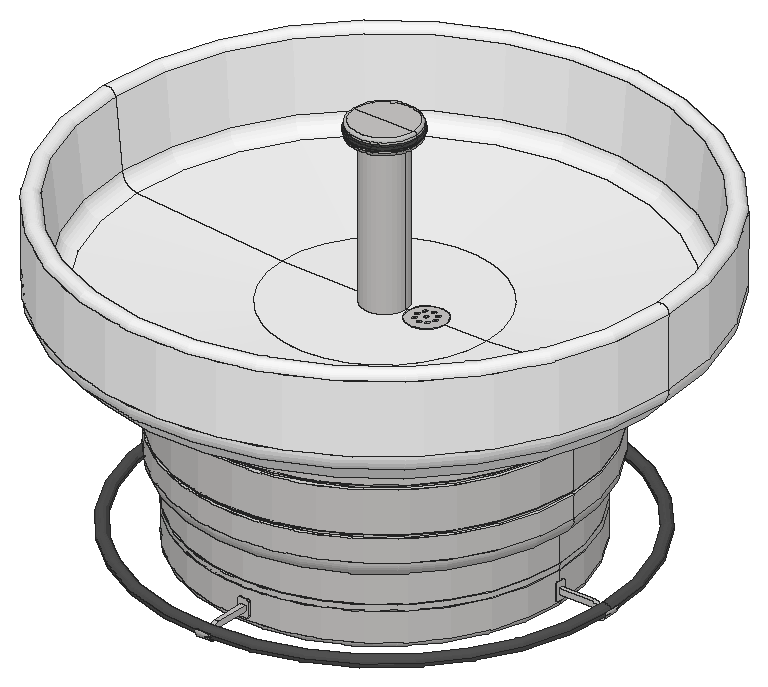
Revit family "Washfountain_Lavatory-Bradley_Corp-WF2608-Type_B_Drain", category Plumbing Fixtures, Revit 2012
Parameters (values of type "Standard")
  Width = 54.000"
  Warranty Information = ""
  WFU = 0
  Voltage = 110 V
  Version = "2.0"
  Vent Radius = Vent / 2  # 3/4"
  Vent = 1 1/2"
  URL = "http://www.bradleycorp.com/"
  Towel Dispenser Holder [instance] = if((Soap Dispenser), 8.375", 16.875")  # 16.875"
  Towel Dispenser Height [instance] = if(and(Soap Dispenser, Sensor Module, Model ID = 2), 56.000", if(and(No Soap Dispenser, Sensor Module, Model ID = 2), 56.000", if(and(Soap Dispenser, No Sensor Module, Model ID = 2), 52.500", if(and(No Soap Dispenser, No Sensor Module, Model ID = 2), 52.500", if(and(Soap Dispenser, Sensor Module, Model ID = 1), 52.000", if(and(No Soap Dispenser, Sensor Module, Model ID = 1), 52.000", if(and(Soap Dispenser, No Sensor Module, Model ID = 1), 48.500", 48.500")))))))  # 52.500"
  TouchTime® Control [instance] = no
  Technical Data = ""
  Supply Height [instance] = if(and(Sensor Module, Soap Dispenser, Towel Dispenser, Model ID = 2), 72.313", if(and(Sensor Module, Soap Dispenser, No Towel Dispenser, Model ID = 2), 47.625", if(and(Sensor Module, No Soap Dispenser, No Towel Dispenser, Model ID = 2), 39.125", if(and(Sensor Module, No Soap Dispenser, Towel Dispenser, Model ID = 2), 72.313", if(and(No Sensor Module, No Soap Dispenser, No Towel Dispenser, Model ID = 2), 35.625", if(and(No Sensor Module, No Soap Dispenser, Towel Dispenser, Model ID = 2), 68.813", if(and(No Sensor Module, Soap Dispenser, No Towel Dispenser, Model ID = 2), 44.125", if(and(No Sensor Module, Soap Dispenser, Towel Dispenser, Model ID = 2), 68.813", if(and(Sensor Module, Soap Dispenser, Towel Dispenser, Model ID = 1), 68.313", if(and(Sensor Module, Soap Dispenser, No Towel Dispenser, Model ID = 1), 43.625", if(and(Sensor Module, No Soap Dispenser, No Towel Dispenser, Model ID = 1), 35.125", if(and(Sensor Module, No Soap Dispenser, Towel Dispenser, Model ID = 1), 68.313", if(and(No Sensor Module, No Soap Dispenser, No Towel Dispenser, Model ID = 1), 31.625", if(and(No Sensor Module, No Soap Dispenser, Towel Dispenser, Model ID = 1), 64.813", if(and(No Sensor Module, Soap Dispenser, No Towel Dispenser, Model ID = 1), 40.125", 64.813")))))))))))))))  # 35.625"
  Standard Height = Model ID = 2  # yes
  Spray Head Height = 35.625"
  Specifications URL = "http://www.bradleycorp.com/3partspec"
  Soap Dispenser Holder [instance] = 2.500"  # constant formula
  Soap Dispenser Height [instance] = if(and(No Sensor Module, Model ID = 2), 44.125", if(and(Sensor Module, Model ID = 2), 47.625", if(and(No Sensor Module, Model ID = 1), 40.125", 43.625")))  # 44.125"
  Sensor Module Height = 39.125"
  Sensor Module [instance] = or(not(Foot Control Valve), TouchTime® Control, Air Valve Hand Control, Adaptive Infrared Activation Control)  # no
  Rim Height = 29.250"
  Product Tech Data URL - Spanish = ""
  Product Tech Data URL - French = ""
  Product Tech Data URL - English = "http://bradleycorp.com/download/1843/2019.pdf"
  Pedestal Material = Metal - Bradley Corp - Stainless Steel - Satin
  Pedestal Height = 19.000"
  Operating Water Pressure Range = "20 - 80 PSI"
  OmniClass Table 23 Title = "Sinks/Lavatories"
  OmniClass Table 23 Number = "23-31 13 00"
  OmniClass Table 21 Title = "Plumbing Fixtures"
  OmniClass Table 21 Number = "21-04 20 10 60"
  No Towel Dispenser [instance] = not(Towel Dispenser)  # yes
  No Soap Dispenser [instance] = not(Soap Dispenser)  # yes
  No Sensor Module [instance] = not(Sensor Module)  # yes
  Modeling Code = ""
  Model ID = 2
  Model = "WF2608"
  Material Note = "Other Terrazzo colors available - See www.bradleycorp.com "
  MasterFormat Title = "Commercial Lavatories and Sinks"
  MasterFormat Number = "22 42 16"
  Manufacturer = "Bradley Corp"
  Juvenile Height = Model ID = 1  # no
  Industry Standards = "ANSI Z124.3, Z124.6 and ANSI/ICPA SS-1-2001"
  Hot Lavatory Inlet Radius = Hot Lavatory Inlet / 2  # 1/4"
  Hot Lavatory Inlet = 0.500"  # 1/2"
  HWFU = 0
  Frequency = 50 Hz
  Foot Control Valve [instance] = not(or(TouchTime® Control, Air Valve Hand Control, Adaptive Infrared Activation Control))  # yes
  Flow Rate = 5.0 GPM
  Fire Rating = "n/a"
  Drain Radius = Drain / 2  # 1"
  Drain = 2"
  Description = "Washfountain, 54\" Circular with 9\" Deep Bowl"
  Copyright = "This Model Data is Property of Bradley Corporation"
  Cold Lavatory Inlet Radius = Cold Lavatory Inlet / 2  # 1/4"
  Cold Lavatory Inlet = 0.500"  # 1/2"
  CWFU = 0
  Buy American Act = "No"
  Button Visibility [instance] = or(TouchTime® Control, Air Valve Hand Control)  # no
  Bowl Material [instance] = Stone - Bradley Corp - White Marmorite
  Assembly Code = "D2010300"
  Air Valve Hand Control [instance] = no
  Adaptive Infrared Activation Control [instance] = no
  ADA Compliant = "Yes"
  Soap Dispenser [instance] = no
  Towel Dispenser [instance] = no
Reference planes (in)
  plane 1 "Center (Front/Back)": y = 0
  plane 2: z = 0
  plane 3 "Center (Left/Right)": x = 0
  plane 4 "Left": x = -27
  plane 5 "Right": x = 27
  plane 6 "Front": y = -27
  plane 7 "Back": y = 27
  plane 8 "Towel Dispenser": z = 52.5
  plane 9 "Soap Dispenser": z = 44.125
  plane 10 "Sensor Module": z = 39.125
  plane 11 "Spray Head": z = 35.625
  plane 12 "Rim Height": z = 29.25
  plane 13 "Pedestal Height": z = 19
  plane 14: z = 38.125
Forms (in)
  Revolve 1, solid, material "Stone - Bradley Corp - White Marmorite" <- "Bowl Material", detail levels medium+fine
    sketch origin (-3, 0, 29.25) x (1, 0, 0) y (0, 0, 1)
      loop
        line (-24, -0.75) -> (-24, -7.10922)
        arc (-24, -7.10922) -> (-23.84776, -7.87459) -> (-23.41421, -8.52343) r 2
        line (-23.41421, -8.52343) -> (-21.68765, -10.25) -> (1, -10.25) -> (1, -9) -> (-6.75, -9)
        arc (-6.75, -9) -> (-13.62836, -8.77247) -> (-20.47664, -8.09088) r 104.08291
        arc (-20.47664, -8.09088) -> (-21.43666, -7.65917) -> (-21.89048, -6.70941) r 1.52978
        line (-21.89048, -6.70941) -> (-22.51639, -0.59407)
        arc (-22.51639, -0.59407) -> (-23.32839, -0.00411) -> (-24, -0.75) r 0.75
      axis (3, -0.59407) -> (3, -10.25)
    angle from 0 to 360
  Revolve 2, solid, material "Stone - Bradley Corp - White Marmorite" <- "Bowl Material", detail levels coarse
    sketch origin (-3, 0, 29.25) x (1, 0, 0) y (0, 0, 1)
      loop
        line (-24, 0) -> (-24, -10.25) -> (3, -10.25) -> (3, -9) -> (-4.5, -9) -> (-21.74309, -7.95152) -> (-22.57883, 0) -> (-24, 0)
      axis (3, 0) -> (3, -10.25)
    angle from 0 to 360
  Revolve 3, solid, material "Metal - Bradley Corp - Stainless Steel - Satin" <- "Pedestal Material", visible <- "Standard Height", detail levels medium+fine
    sketch origin (-3, 0, 19) x (1, 0, 0) y (0, 0, 1)
      loop
        line (-14.96214, 0.00002) -> (-14.96214, -4.37498) -> (-14.83714, -4.49998) -> (-14.83714, -4.62498) -> (-14.96214, -4.74998) -> (-14.96214, -8.56248) -> (-14.83714, -8.68748) -> (-14.83714, -8.81248) -> (-14.96214, -8.93748) -> (-14.96214, -10.99998)
        arc (-14.96214, -10.99998) -> (-14.57597, -12.00466) -> (-13.6163, -12.49204) r 1.5
        line (-13.6163, -12.49204) -> (-13.6163, -15.1945) -> (-13.6643, -15.25815) -> (-13.6643, -15.75585) -> (-13.6163, -15.8195) -> (-13.6163, -18.5)
        arc (-13.6163, -18.5) -> (-13.46985, -18.85355) -> (-13.1163, -19) r 0.5
        line (-13.1163, -19) -> (3, -19) -> (3, 0.00002) -> (-14.96214, 0.00002)
      axis (3, 0.00002) -> (3, -19)
    angle from 0 to 360
  Revolve 4, solid, material "Metal - Bradley Corp - Stainless Steel - Satin" <- "Pedestal Material", visible <- "Standard Height", detail levels coarse
    sketch origin (-3, 0, 19) x (1, 0, 0) y (0, 0, 1)
      loop
        line (-14.96214, 0) -> (-14.96214, -12.49204) -> (-13.6163, -12.49204) -> (-13.6163, -19) -> (3, -19) -> (3, 0) -> (-14.96214, 0)
      axis (3, 0) -> (3, -19)
    angle from 0 to 360
  Revolve 5, solid, material "Metal - Bradley Corp - Stainless Steel - Satin" <- "Pedestal Material", visible <- "Juvenile Height", detail levels medium+fine
    sketch origin (-3, 0, 19) x (1, 0, 0) y (0, 0, 1)
      loop
        line (-14.96214, 0) -> (-14.96214, -3.42941) -> (-14.86416, -3.52739) -> (-14.86416, -3.62537) -> (-14.96214, -3.72336) -> (-14.96214, -6.71184) -> (-14.86416, -6.80982) -> (-14.86416, -6.90781) -> (-14.96214, -7.00579) -> (-14.96214, -8.44011)
        arc (-14.96214, -8.44011) -> (-14.56796, -9.39176) -> (-13.6163, -9.78595) r 1.34584
        line (-13.6163, -9.78595) -> (-13.6163, -11.1945) -> (-13.6643, -11.25815) -> (-13.6643, -11.75585) -> (-13.6163, -11.8195) -> (-13.6163, -14.60807)
        arc (-13.6163, -14.60807) -> (-13.50151, -14.88521) -> (-13.22437, -15) r 0.39193
        line (-13.22437, -15) -> (3, -15) -> (3, 0) -> (-14.96214, 0)
      axis (3, 0) -> (3, -15)
    angle from 0 to 360
  Revolve 6, solid, material "Metal - Bradley Corp - Stainless Steel - Satin" <- "Pedestal Material", visible <- "Juvenile Height", detail levels coarse
    sketch origin (-3, 0, 19) x (1, 0, 0) y (0, 0, 1)
      loop
        line (-14.96214, 0.00002) -> (-14.96214, -9.78595) -> (-13.6163, -9.78595) -> (-13.6163, -15) -> (3, -15) -> (3, 0.00002) -> (-14.96214, 0.00002)
      axis (3, 0.00002) -> (3, -15)
    angle from 0 to 360
  Revolve 7, solid, material "Metal - Bradley Corp - Stainless Steel - Polished", detail levels fine
    sketch origin (-3, 0, 35.625) x (1, 0, 0) y (0, 0, 1)
      loop
        arc (0.215, 0.00002) -> (0.03822, -0.0732) -> (-0.035, -0.24998) r 0.25
        line (-0.035, -0.24998) -> (-0.035, -0.44498)
        arc (-0.035, -0.44498) -> (-0.10129, -0.47244) -> (-0.12875, -0.53873) r 0.09375
        line (-0.12875, -0.53873) -> (-0.12875, -0.85123)
        arc (-0.12875, -0.85123) -> (-0.10129, -0.91752) -> (-0.035, -0.94498) r 0.09375
        line (-0.035, -0.94498) -> (-0.035, -1.13998)
        arc (-0.035, -1.13998) -> (0.03822, -1.31676) -> (0.215, -1.38998) r 0.25
        line (0.215, -1.38998) -> (1, -1.38998) -> (1, -16.625) -> (3, -16.625) -> (3, 0.00002) -> (0.215, 0.00002)
      axis (3, 0.00002) -> (3, -16.625)
    angle from 0 to 360
  Revolve 8, solid, material "Metal - Bradley Corp - Stainless Steel - Polished", detail levels coarse+medium
    sketch origin (-3, 0, 35.625) x (1, 0, 0) y (0, 0, 1)
      loop
        line (3, 0) -> (0.21498, 0) -> (-0.12875, -0.44498) -> (-0.12875, -0.94498) -> (0.215, -1.38998) -> (1, -1.38998) -> (1, -16.625) -> (3, -16.625) -> (3, 0)
      axis (3, 0) -> (3, -16.625)
    angle from 0 to 360
  Revolve 9, solid, material "Metal - Bradley Corp - Stainless Steel - Polished", visible <- "Soap Dispenser", detail levels fine
    sketch origin (-3, 0, 44.125) x (1, 0, 0) y (0, 0, 1)
      loop
        arc (-1.17907, 0) -> (-2.18101, -0.11803) -> (-3.1566, -0.375) r 7.19764
        line (-3.1566, -0.375) -> (-3.1566, -1) -> (-3.01376, -1) -> (-3.01376, -1.64327) -> (-2.98301, -1.64327) -> (-2.98301, -2.89327) -> (-2.93039, -2.89327) -> (-2.93039, -4.14327) -> (-2.87777, -4.14327) -> (-2.87777, -5.39327) -> (-2.81, -5.39327) -> (-2.81, -6) -> (3, -6) -> (3, 0) -> (-1.17907, 0)
      axis (3, 0) -> (3, -6)
    angle from 0 to 360
  Revolve 10, solid, material "Metal - Bradley Corp - Stainless Steel - Polished", visible <- "Soap Dispenser", detail levels coarse+medium
    sketch origin (-3, 0, 44.125) x (1, 0, 0) y (0, 0, 1)
      loop
        line (3, -1) -> (-3.1566, -1) -> (-2.81, -6) -> (3, -6) -> (3, -1)
      axis (3, -1) -> (3, -6)
    angle from 0 to 360
  Revolve 11, solid, material "Metal - Bradley Corp - Stainless Steel - Polished", visible <- "Sensor Module", detail levels fine
    sketch origin (-3, 0, 39.125) x (1, 0, 0) y (0, 0, 1)
      loop
        line (-1.49987, -0.56541) -> (-1.49987, -1.98683)
        arc (-1.49987, -1.98683) -> (-1.48063, -2.08301) -> (-1.42587, -2.16439) r 0.25
        line (-1.42587, -2.16439) -> (-0.82309, -2.76716)
        arc (-0.82309, -2.76716) -> (-0.74199, -2.82135) -> (-0.64632, -2.84038) r 0.25
        line (-0.64632, -2.84038) -> (1, -2.84038) -> (1, -3.5) -> (3, -3.5) -> (3, 0) -> (0.89718, 0)
        arc (0.89718, 0) -> (-0.28099, -0.0858) -> (-1.45612, -0.2063) r 40.06
        arc (-1.45612, -0.2063) -> (-1.54124, -0.251) -> (-1.57537, -0.34072) r 0.135
        line (-1.57537, -0.34072) -> (-1.57537, -0.56541) -> (-1.49987, -0.56541)
      axis (3, 0) -> (3, -3.5)
    angle from 0 to 360
  Revolve 12, solid, material "Metal - Bradley Corp - Stainless Steel - Polished", visible <- "Sensor Module", detail levels coarse+medium
    sketch origin (-3, 0, 39.125) x (1, 0, 0) y (0, 0, 1)
      loop
        line (-1.57537, -2.01488) -> (-0.75025, -2.84) -> (1, -2.84) -> (1, -3.5) -> (3, -3.5) -> (3, 0) -> (-1.57537, 0) -> (-1.57537, -2.01488)
      axis (3, 0) -> (3, -3.5)
    angle from 0 to 360
  Extrusion 13, solid, material "Metal - Bradley Corp - Stainless Steel - Polished", visible <- "Towel Dispenser"
    sketch origin (-5.60167, 3.20696, 52.5) x (0, 0, 1) y (0, 1, 0)
      loop
        line (0, 0) -> (15.313, 0) -> (14.62567, 4) -> (1.37502, 4) -> (0, 1.75) -> (0, 0)
    from -0.10167 to -11.10192
  Extrusion 14, solid, material "Metal - Bradley Corp - Stainless Steel - Polished", visible <- "Towel Dispenser"
    sketch origin (-0.0117, -6.47515, 55.75) x (0, 0, 1) y (-0.866025, -0.5, 0)
      loop
        line (-3.25, 0) -> (12.063, 0) -> (11.37567, 4) -> (-1.87498, 4) -> (-3.25, 1.75) -> (-3.25, 0)
    from -0.10167 to -11.10192
  Extrusion 15, solid, material "Metal - Bradley Corp - Stainless Steel - Polished", visible <- "Towel Dispenser"
    sketch origin (5.61356, 3.22741, 55.75) x (0, 0, 1) y (0.866038, -0.499977, 0)
      loop
        line (-3.25, 0) -> (12.063, 0) -> (11.37567, 4) -> (-1.87498, 4) -> (-3.25, 1.75) -> (-3.25, 0)
    from -0.10167 to -11.10192
  Extrusion 16, solid, material "Metal - Bradley Corp - Stainless Steel - Polished", visible <- "Towel Dispenser"
    sketch origin (0, 0, 52.5) x (-1, 0, 0) y (0, -1, 0)
      loop
        circle (0, 0) r 2
    from -16.875 to 16.313
  Extrusion 17, solid, material "Metal - Bradley Corp - Stainless Steel - Polished", visible <- "Soap Dispenser"
    sketch origin (0, 0, 44.125) x (-1, 0, 0) y (0, -1, 0)
      loop
        circle (0, 0) r 2
    from -6 to -8.5
  Extrusion 18, solid, material "Metal - Bradley Corp - Stainless Steel - Polished", visible <- "Towel Dispenser"
    sketch origin (0, 0, 52.5) x (-1, 0, 0) y (0, -1, 0)
      loop
        line (5.5, -3.20696) -> (5.56259, -3.13929) -> (0.06259, 6.38699) -> (-0.06295, 6.38699) -> (-5.56269, -3.13929) -> (-5.50026, -3.20696) -> (5.5, -3.20696)
      loop
        circle (0, 0) r 2
    from 14.62567 to 14.12567
  Extrusion 19, solid, material "Metal - Bradley Corp - Stainless Steel - Polished", visible <- "Towel Dispenser"
    sketch origin (0, 0, 52.5) x (-1, 0, 0) y (0, -1, 0)
      loop
        line (5.56259, -3.13929) -> (0.06259, 6.38699) -> (-0.06295, 6.38699) -> (-5.56269, -3.13929) -> (-5.50026, -3.20696) -> (5.5, -3.20696) -> (5.56259, -3.13929)
      loop
        circle (0, 0) r 2
    from 1.0786 to 1.5786
  Sweep 20, solid, material "Plastic - Bradley Corp - Black", visible <- "Foot Control Valve"
    path in 3D
      loop
        arc (-21, 0, 0) -> (0, -21, 0) -> (21, 0, 0) r 21
        arc (21, 0, 0) -> (0, 21, 0) -> (-21, 0, 0) r 21
    profile origin (0, 21, 0) x (0, -1, 0) y (0, 0, 1)
      loop
        circle (0, 1.425) r 0.5
  Extrusion 21, solid, material "Metal - Bradley Corp - Stainless Steel - Satin", visible <- "Foot Control Valve"
    sketch origin (0, 0, 0) x (1, 0, 0) y (0, 0, 1)
      loop
        arc (-21.48307, 1.55388) -> (-21.51847, 1.61509) -> (-21.57968, 1.57969) r 0.05
        arc (-21.57968, 1.57969) -> (-21.01372, 0.82503) -> (-20.41385, 1.55302) r 0.6
        arc (-20.41385, 1.55302) -> (-20.47337, 1.59119) -> (-20.51154, 1.53166) r 0.05
        arc (-20.51154, 1.53166) -> (-21.01143, 0.925) -> (-21.48307, 1.55388) r 0.5
      loop
        arc (21.48307, 1.55388) -> (21.01143, 0.925) -> (20.51154, 1.53166) r 0.5
        arc (20.51154, 1.53166) -> (20.47337, 1.59119) -> (20.41385, 1.55302) r 0.05
        arc (20.41385, 1.55302) -> (21.01372, 0.82503) -> (21.57968, 1.57969) r 0.6
        arc (21.57968, 1.57969) -> (21.51847, 1.61509) -> (21.48307, 1.55388) r 0.05
    from -0.67 to 0.67
  Extrusion 22, solid, material "Metal - Bradley Corp - Stainless Steel - Satin", visible <- "Foot Control Valve"
    sketch origin (0, 0, 0) x (0, 1, 0) y (0, 0, 1)
      loop
        arc (21.48307, 1.55401) -> (21.01143, 0.92513) -> (20.51154, 1.53179) r 0.5
        arc (20.51154, 1.53179) -> (20.47337, 1.59132) -> (20.41385, 1.55315) r 0.05
        arc (20.41385, 1.55315) -> (21.01372, 0.82516) -> (21.57968, 1.57982) r 0.6
        arc (21.57968, 1.57982) -> (21.51847, 1.61522) -> (21.48307, 1.55401) r 0.05
      loop
        arc (-21.48307, 1.55401) -> (-21.51847, 1.61522) -> (-21.57968, 1.57982) r 0.05
        arc (-21.57968, 1.57982) -> (-21.01372, 0.82516) -> (-20.41385, 1.55315) r 0.6
        arc (-20.41385, 1.55315) -> (-20.47337, 1.59132) -> (-20.51154, 1.53179) r 0.05
        arc (-20.51154, 1.53179) -> (-21.01143, 0.92513) -> (-21.48307, 1.55401) r 0.5
    from -0.67 to 0.67
  Extrusion 23, solid, material "Metal - Bradley Corp - Stainless Steel - Satin", visible <- "Foot Control Valve"
    sketch origin (0, 0, 0) x (1, 0, 0) y (0, 0, 1)
      loop
        line (-16.6163, 1.26725) -> (-16.6163, 1.76725) -> (-19.80661, 1.76725)
        arc (-19.80661, 1.76725) -> (-20.14911, 1.67556) -> (-20.4, 1.42503) r 0.68556
        arc (-20.4, 1.42503) -> (-20.57574, 1.00076) -> (-21, 0.82503) r 0.6
        arc (-21, 0.82503) -> (-20.42367, 0.87326) -> (-19.94786, 1.20202) r 1.12245
        arc (-19.94786, 1.20202) -> (-19.8844, 1.25015) -> (-19.80661, 1.26725) r 0.18556
        line (-19.80661, 1.26725) -> (-16.6163, 1.26725)
      loop
        line (16.6163, 1.26725) -> (19.80661, 1.26725)
        arc (19.80661, 1.26725) -> (19.8844, 1.25015) -> (19.94786, 1.20202) r 0.18556
        arc (19.94786, 1.20202) -> (20.42367, 0.87326) -> (21, 0.82503) r 1.12245
        arc (21, 0.82503) -> (20.57574, 1.00076) -> (20.4, 1.42503) r 0.6
        arc (20.4, 1.42503) -> (20.14911, 1.67556) -> (19.80661, 1.76725) r 0.68556
        line (19.80661, 1.76725) -> (16.6163, 1.76725) -> (16.6163, 1.26725)
    from -0.2 to 0.2
  Extrusion 24, solid, material "Metal - Bradley Corp - Stainless Steel - Satin", visible <- "Foot Control Valve"
    sketch origin (0, 0, 0) x (0, 1, 0) y (0, 0, 1)
      loop
        line (16.61723, 1.27219) -> (19.80754, 1.27219)
        arc (19.80754, 1.27219) -> (19.88533, 1.25509) -> (19.94879, 1.20696) r 0.18556
        arc (19.94879, 1.20696) -> (20.4246, 0.8782) -> (21.00093, 0.82997) r 1.12245
        arc (21.00093, 0.82997) -> (20.57666, 1.0057) -> (20.40093, 1.42997) r 0.6
        arc (20.40093, 1.42997) -> (20.15004, 1.6805) -> (19.80754, 1.77219) r 0.68556
        line (19.80754, 1.77219) -> (16.61723, 1.77219) -> (16.61723, 1.27219)
      loop
        line (-16.61723, 1.27219) -> (-16.61723, 1.77219) -> (-19.80754, 1.77219)
        arc (-19.80754, 1.77219) -> (-20.15004, 1.6805) -> (-20.40093, 1.42997) r 0.68556
        arc (-20.40093, 1.42997) -> (-20.57666, 1.0057) -> (-21.00093, 0.82997) r 0.6
        arc (-21.00093, 0.82997) -> (-20.4246, 0.8782) -> (-19.94879, 1.20696) r 1.12245
        arc (-19.94879, 1.20696) -> (-19.88533, 1.25509) -> (-19.80754, 1.27219) r 0.18556
        line (-19.80754, 1.27219) -> (-16.61723, 1.27219)
    from -0.19588 to 0.2
  Extrusion 25, solid, material "Metal - Bradley Corp - Stainless Steel - Satin", visible <- "Foot Control Valve"
    sketch origin (0, 0, 0) x (0, 1, 0) y (0, 0, 1)
      loop
        line (0.25501, 2.33461) -> (-0.24499, 2.33461)
        arc (-0.24499, 2.33461) -> (-0.42177, 2.26139) -> (-0.49499, 2.08461) r 0.25
        line (-0.49499, 2.08461) -> (-0.49499, 0.95961)
        arc (-0.49499, 0.95961) -> (-0.42177, 0.78284) -> (-0.24499, 0.70961) r 0.25
        line (-0.24499, 0.70961) -> (0.25501, 0.70961)
        arc (0.25501, 0.70961) -> (0.43178, 0.78284) -> (0.50501, 0.95961) r 0.25
        line (0.50501, 0.95961) -> (0.50501, 2.08461)
        arc (0.50501, 2.08461) -> (0.43178, 2.26139) -> (0.25501, 2.33461) r 0.25
      loop
        line (0.24214, 1.22802) -> (0.24214, 1.81621) -> (-0.23845, 1.81621) -> (-0.23845, 1.22802) -> (0.24214, 1.22802)
    from -16.72356 to -16.6163
  Extrusion 26, solid, material "Metal - Bradley Corp - Stainless Steel - Satin", visible <- "Foot Control Valve"
    sketch origin (0, 0, 0) x (0, 1, 0) y (0, 0, 1)
      loop
        arc (-0.25501, 2.33461) -> (-0.43178, 2.26139) -> (-0.50501, 2.08461) r 0.25
        line (-0.50501, 2.08461) -> (-0.50501, 0.95961)
        arc (-0.50501, 0.95961) -> (-0.43178, 0.78284) -> (-0.25501, 0.70961) r 0.25
        line (-0.25501, 0.70961) -> (0.24499, 0.70961)
        arc (0.24499, 0.70961) -> (0.42177, 0.78284) -> (0.49499, 0.95961) r 0.25
        line (0.49499, 0.95961) -> (0.49499, 2.08461)
        arc (0.49499, 2.08461) -> (0.42177, 2.26139) -> (0.24499, 2.33461) r 0.25
        line (0.24499, 2.33461) -> (-0.25501, 2.33461)
      loop
        line (-0.24214, 1.22802) -> (0.23845, 1.22802) -> (0.23845, 1.81621) -> (-0.24214, 1.81621) -> (-0.24214, 1.22802)
    from 16.6163 to 16.73125
  Extrusion 27, solid, material "Metal - Bradley Corp - Stainless Steel - Satin", visible <- "Foot Control Valve"
    sketch origin (0, 0, 0) x (1, 0, 0) y (0, 0, 1)
      loop
        arc (-0.25501, 2.33461) -> (-0.43178, 2.26139) -> (-0.50501, 2.08461) r 0.25
        line (-0.50501, 2.08461) -> (-0.50501, 0.95961)
        arc (-0.50501, 0.95961) -> (-0.43178, 0.78284) -> (-0.25501, 0.70961) r 0.25
        line (-0.25501, 0.70961) -> (0.24499, 0.70961)
        arc (0.24499, 0.70961) -> (0.42177, 0.78284) -> (0.49499, 0.95961) r 0.25
        line (0.49499, 0.95961) -> (0.49499, 2.08461)
        arc (0.49499, 2.08461) -> (0.42177, 2.26139) -> (0.24499, 2.33461) r 0.25
        line (0.24499, 2.33461) -> (-0.25501, 2.33461)
      loop
        line (-0.24214, 1.22802) -> (0.23845, 1.22802) -> (0.23845, 1.81621) -> (-0.24214, 1.81621) -> (-0.24214, 1.22802)
    from -16.72356 to -16.6163
  Extrusion 28, solid, material "Metal - Bradley Corp - Stainless Steel - Satin", visible <- "Foot Control Valve"
    sketch origin (0, 0, 0) x (1, 0, 0) y (0, 0, 1)
      loop
        line (0.25501, 2.33461) -> (-0.24499, 2.33461)
        arc (-0.24499, 2.33461) -> (-0.42177, 2.26139) -> (-0.49499, 2.08461) r 0.25
        line (-0.49499, 2.08461) -> (-0.49499, 0.95961)
        arc (-0.49499, 0.95961) -> (-0.42177, 0.78284) -> (-0.24499, 0.70961) r 0.25
        line (-0.24499, 0.70961) -> (0.25501, 0.70961)
        arc (0.25501, 0.70961) -> (0.43178, 0.78284) -> (0.50501, 0.95961) r 0.25
        line (0.50501, 0.95961) -> (0.50501, 2.08461)
        arc (0.50501, 2.08461) -> (0.43178, 2.26139) -> (0.25501, 2.33461) r 0.25
      loop
        line (0.24214, 1.22802) -> (0.24214, 1.81621) -> (-0.23845, 1.81621) -> (-0.23845, 1.22802) -> (0.24214, 1.22802)
    from 16.61723 to 16.73515
  Extrusion 29, void
    sketch origin (0, 0, 19) x (-1, 0, 0) y (0, -1, 0)
      loop
        circle (-4, 0) r 1.75
    from 0 to 10.25
  Extrusion 30, solid, material "Metal - Bradley Corp - Stainless Steel - Polished", detail levels medium+fine
    sketch origin (0, 0, 19) x (-1, 0, 0) y (0, -1, 0)
      loop
        circle (-4, 0) r 1.75
      loop
        circle (-4, 0) r 0.1842
      loop
        circle (-4, -0.87771) r 0.1842
      loop
        circle (-3.12229, 0) r 0.1842
      loop
        circle (-4, 0.87771) r 0.1842
      loop
        circle (-4.87771, 0) r 0.1842
      loop
        circle (-4.62063, -0.62063) r 0.1842
      loop
        circle (-3.37937, -0.62063) r 0.1842
      loop
        circle (-3.37937, 0.62063) r 0.1842
      loop
        circle (-4.62063, 0.62063) r 0.1842
    from 1.25 to 1.20024
  Extrusion 31, solid, material "Default", not visible, detail levels medium+fine
    sketch origin (0, 0, 0) x (1, 0, 0) y (0, 1, 0)
      loop
        circle (-4, 0) r 1
      loop
        line (1, 5.5) -> (-1, 5.5) -> (-1, 4.5) -> (1, 4.5) -> (1, 5.5)
    from 0 to 3
  Extrusion 32, solid, material "Default", not visible, detail levels medium+fine
    sketch origin (0, 0, 0) x (1, 0, 0) y (0, 1, 0)
      loop
        circle (0, 0) r 0.75
      loop
        circle (-0.875, 1.25) r 0.25
      loop
        circle (0.875, 1.25) r 0.25
    from 0 to 35.625
  Revolve 33, solid, material "Plastic - Bradley Corp - Black", visible <- "Soap Dispenser", detail levels coarse+medium
    sketch origin (-3, 0, 44.125) x (1, 0, 0) y (0, 0, 1)
      loop
        line (-3.1566, -1) -> (3, -1) -> (3, 0) -> (-3.22592, 0) -> (-3.1566, -1)
      axis (3, 0) -> (3, -1)
    angle from 0 to 360
  Extrusion 34, solid, material "Metal - Bradley Corp - Stainless Steel - Polished", visible <- "Button Visibility"
    sketch origin (-3, 0, 39.125) x (1, 0, 0) y (0, 0, 1)
      loop
        circle (3, -1.3649) r 0.5
    from 4.57537 to 4.97537
  Extrusion 35, solid, material "Metal - Bradley Corp - Stainless Steel - Polished", visible <- "Button Visibility"
    sketch origin (-3, 0, 39.125) x (1, 0, 0) y (0, 0, 1)
      loop
        circle (3, -1.3649) r 0.5
    from -4.57537 to -4.97537
  Extrusion 36, solid, material "Metal - Bradley Corp - Stainless Steel - Polished", visible <- "Button Visibility", detail levels fine
    sketch origin (-3, 0, 39.125) x (1, 0, 0) y (0, 0, 1)
      loop
        circle (3, -1.3649) r 0.25
    from 4.49987 to 4.57537
  Extrusion 37, solid, material "Metal - Bradley Corp - Stainless Steel - Polished", visible <- "Button Visibility", detail levels fine
    sketch origin (-3, 0, 39.125) x (1, 0, 0) y (0, 0, 1)
      loop
        circle (3, -1.3649) r 0.25
    from -4.57537 to -4.49987
Cuts and joins
  Extrusion 29 cuts Revolve 2
  Extrusion 29 cuts Revolve 1
Lines and regions (in)
  Masking region 1, detail levels coarse
    outline origin (-3, 0, 29.25) x (1, 0, 0) y (0, 0, 1)
      loop
        line (-24, 0) -> (-24, -10.25) -> (30, -10.25) -> (30, 0) -> (-24, 0)
  Masking region 2, detail levels medium+fine
    outline origin (-3, 0, 29.25) x (1, 0, 0) y (0, 0, 1)
      loop
        arc (-23.25, 0) -> (-23.78033, -0.21967) -> (-24, -0.75) r 0.75
        line (-24, -0.75) -> (-24, -7.10922)
        arc (-24, -7.10922) -> (-23.84776, -7.87459) -> (-23.41421, -8.52343) r 2
        line (-23.41421, -8.52343) -> (-21.68765, -10.25) -> (27.68765, -10.25) -> (29.41421, -8.52343)
        arc (29.41421, -8.52343) -> (29.84776, -7.87459) -> (30, -7.10922) r 2
        line (30, -7.10922) -> (30, -0.75)
        arc (30, -0.75) -> (29.78033, -0.21967) -> (29.25, 0) r 0.75
        line (29.25, 0) -> (-23.25, 0)
  Masking region 3, visible <- "Standard Height", detail levels coarse
    outline origin (-3, 0, 19) x (1, 0, 0) y (0, 0, 1)
      loop
        line (-14.96214, 0) -> (-14.96214, -12.49204) -> (-13.6163, -12.49204) -> (-13.6163, -19) -> (19.6163, -19) -> (19.6163, -12.49204) -> (20.96214, -12.49204) -> (20.96214, 0) -> (-14.96214, 0)
  Masking region 4, visible <- "Standard Height", detail levels medium+fine
    outline origin (-3, 0, 19) x (1, 0, 0) y (0, 0, 1)
      loop
        line (-14.96214, 0.00002) -> (-14.96214, -4.37498) -> (-14.83714, -4.49998) -> (-14.83714, -4.62498) -> (-14.96214, -4.74998) -> (-14.96214, -8.56248) -> (-14.83714, -8.68748) -> (-14.83714, -8.81248) -> (-14.96214, -8.93748) -> (-14.96214, -10.99998)
        arc (-14.96214, -10.99998) -> (-14.57597, -12.00466) -> (-13.6163, -12.49204) r 1.5
        line (-13.6163, -12.49204) -> (-13.6163, -15.1945) -> (-13.6643, -15.25815) -> (-13.6643, -15.75585) -> (-13.6163, -15.8195) -> (-13.6163, -18.5)
        arc (-13.6163, -18.5) -> (-13.46985, -18.85355) -> (-13.1163, -19) r 0.5
        line (-13.1163, -19) -> (19.1163, -19)
        arc (19.1163, -19) -> (19.46985, -18.85355) -> (19.6163, -18.5) r 0.5
        line (19.6163, -18.5) -> (19.6163, -15.8195) -> (19.6643, -15.75585) -> (19.6643, -15.25815) -> (19.6163, -15.1945) -> (19.6163, -12.49204)
        arc (19.6163, -12.49204) -> (20.57597, -12.00466) -> (20.96214, -10.99998) r 1.5
        line (20.96214, -10.99998) -> (20.96214, -8.93748) -> (20.83714, -8.81248) -> (20.83714, -8.68748) -> (20.96214, -8.56248) -> (20.96214, -4.74998) -> (20.83714, -4.62498) -> (20.83714, -4.49998) -> (20.96214, -4.37498) -> (20.96214, 0.00002) -> (-14.96214, 0.00002)
  Masking region 5, visible <- "Juvenile Height", detail levels coarse
    outline origin (-3, 0, 19) x (1, 0, 0) y (0, 0, 1)
      loop
        line (-14.96214, 0) -> (-14.96214, -9.78595) -> (-13.6163, -9.78595) -> (-13.6163, -15) -> (19.6163, -15) -> (19.6163, -9.78595) -> (20.96214, -9.78595) -> (20.96214, 0) -> (-14.96214, 0)
  Masking region 6, visible <- "Juvenile Height", detail levels medium+fine
    outline origin (-3, 0, 19) x (1, 0, 0) y (0, 0, 1)
      loop
        line (-14.96214, 0) -> (-14.96214, -3.42941) -> (-14.86416, -3.52739) -> (-14.86416, -3.62537) -> (-14.96214, -3.72336) -> (-14.96214, -6.71184) -> (-14.86416, -6.80982) -> (-14.86416, -6.90781) -> (-14.96214, -7.00579) -> (-14.96214, -8.44011)
        arc (-14.96214, -8.44011) -> (-14.56796, -9.39176) -> (-13.6163, -9.78595) r 1.34584
        line (-13.6163, -9.78595) -> (-13.6163, -11.1945) -> (-13.6643, -11.25815) -> (-13.6643, -11.75585) -> (-13.6163, -11.8195) -> (-13.6163, -14.60807)
        arc (-13.6163, -14.60807) -> (-13.50151, -14.88521) -> (-13.22437, -15) r 0.39193
        line (-13.22437, -15) -> (19.22437, -15)
        arc (19.22437, -15) -> (19.50151, -14.88521) -> (19.6163, -14.60807) r 0.39193
        line (19.6163, -14.60807) -> (19.6163, -11.8195) -> (19.6643, -11.75585) -> (19.6643, -11.25815) -> (19.6163, -11.1945) -> (19.6163, -9.78595)
        arc (19.6163, -9.78595) -> (20.56796, -9.39176) -> (20.96214, -8.44011) r 1.34584
        line (20.96214, -8.44011) -> (20.96214, -7.00579) -> (20.86416, -6.90781) -> (20.86416, -6.80982) -> (20.96214, -6.71184) -> (20.96214, -3.72336) -> (20.86416, -3.62537) -> (20.86416, -3.52739) -> (20.96214, -3.42941) -> (20.96214, 0) -> (-14.96214, 0)
  Masking region 7, detail levels coarse
    outline origin (0, 3, 29.25) x (0, -1, 0) y (0, 0, 1)
      loop
        line (-24, 0) -> (-24, -10.25) -> (30, -10.25) -> (30, 0) -> (-24, 0)
  Masking region 8, detail levels medium+fine
    outline origin (0, 3, 29.25) x (0, -1, 0) y (0, 0, 1)
      loop
        arc (-23.25, 0) -> (-23.78033, -0.21967) -> (-24, -0.75) r 0.75
        line (-24, -0.75) -> (-24, -7.10922)
        arc (-24, -7.10922) -> (-23.84776, -7.87459) -> (-23.41421, -8.52343) r 2
        line (-23.41421, -8.52343) -> (-21.68765, -10.25) -> (27.68765, -10.25) -> (29.41421, -8.52343)
        arc (29.41421, -8.52343) -> (29.84776, -7.87459) -> (30, -7.10922) r 2
        line (30, -7.10922) -> (30, -0.75)
        arc (30, -0.75) -> (29.78033, -0.21967) -> (29.25, 0) r 0.75
        line (29.25, 0) -> (-23.25, 0)
  Masking region 9, visible <- "Standard Height", detail levels coarse
    outline origin (0, 3, 19) x (0, -1, 0) y (0, 0, 1)
      loop
        line (-14.96229, 0) -> (-14.96229, -12.49204) -> (-13.61645, -12.49204) -> (-13.61645, -19) -> (19.61615, -19) -> (19.61615, -12.49204) -> (20.96199, -12.49204) -> (20.96199, 0) -> (-14.96229, 0)
  Masking region 10, visible <- "Standard Height", detail levels medium+fine
    outline origin (0, 3, 19) x (0, -1, 0) y (0, 0, 1)
      loop
        line (-14.96307, 0.00002) -> (-14.96307, -4.37498) -> (-14.83807, -4.49998) -> (-14.83807, -4.62498) -> (-14.96307, -4.74998) -> (-14.96307, -8.56248) -> (-14.83807, -8.68748) -> (-14.83807, -8.81248) -> (-14.96307, -8.93748) -> (-14.96307, -10.99998)
        arc (-14.96307, -10.99998) -> (-14.5769, -12.00466) -> (-13.61723, -12.49204) r 1.5
        line (-13.61723, -12.49204) -> (-13.61723, -15.1945) -> (-13.66523, -15.25815) -> (-13.66523, -15.75585) -> (-13.61723, -15.8195) -> (-13.61723, -18.5)
        arc (-13.61723, -18.5) -> (-13.47078, -18.85355) -> (-13.11723, -19) r 0.5
        line (-13.11723, -19) -> (19.11537, -19)
        arc (19.11537, -19) -> (19.46893, -18.85355) -> (19.61537, -18.5) r 0.5
        line (19.61537, -18.5) -> (19.61537, -15.8195) -> (19.66337, -15.75585) -> (19.66337, -15.25815) -> (19.61537, -15.1945) -> (19.61537, -12.49204)
        arc (19.61537, -12.49204) -> (20.57505, -12.00466) -> (20.96122, -10.99998) r 1.5
        line (20.96122, -10.99998) -> (20.96122, -8.93748) -> (20.83622, -8.81248) -> (20.83622, -8.68748) -> (20.96122, -8.56248) -> (20.96122, -4.74998) -> (20.83622, -4.62498) -> (20.83622, -4.49998) -> (20.96122, -4.37498) -> (20.96122, 0.00002) -> (-14.96307, 0.00002)
  Masking region 11, visible <- "Juvenile Height", detail levels coarse
    outline origin (0, 3, 19) x (0, -1, 0) y (0, 0, 1)
      loop
        line (-14.96093, 0) -> (-14.96093, -9.78595) -> (-13.61509, -9.78595) -> (-13.61509, -15) -> (19.61752, -15) -> (19.61752, -9.78595) -> (20.96336, -9.78595) -> (20.96336, 0) -> (-14.96093, 0)
  Masking region 12, visible <- "Juvenile Height", detail levels medium+fine
    outline origin (0, 3, 19) x (0, -1, 0) y (0, 0, 1)
      loop
        line (-14.96283, 0) -> (-14.96283, -3.42941) -> (-14.86485, -3.52739) -> (-14.86485, -3.62537) -> (-14.96283, -3.72336) -> (-14.96283, -6.71184) -> (-14.86485, -6.80982) -> (-14.86485, -6.90781) -> (-14.96283, -7.00579) -> (-14.96283, -8.44011)
        arc (-14.96283, -8.44011) -> (-14.56864, -9.39176) -> (-13.61699, -9.78595) r 1.34584
        line (-13.61699, -9.78595) -> (-13.61699, -11.1945) -> (-13.66523, -11.25847) -> (-13.66523, -11.75553) -> (-13.61699, -11.8195) -> (-13.61699, -14.60807)
        arc (-13.61699, -14.60807) -> (-13.50219, -14.88521) -> (-13.22506, -15) r 0.39193
        line (-13.22506, -15) -> (19.22368, -15)
        arc (19.22368, -15) -> (19.50082, -14.88521) -> (19.61561, -14.60807) r 0.39193
        line (19.61561, -14.60807) -> (19.61561, -11.8195) -> (19.66523, -11.75553) -> (19.66523, -11.25847) -> (19.61561, -11.1945) -> (19.61561, -9.78595)
        arc (19.61561, -9.78595) -> (20.56727, -9.39176) -> (20.96145, -8.44011) r 1.34584
        line (20.96145, -8.44011) -> (20.96145, -7.00579) -> (20.86347, -6.90781) -> (20.86347, -6.80982) -> (20.96145, -6.71184) -> (20.96145, -3.72336) -> (20.86347, -3.62537) -> (20.86347, -3.52739) -> (20.96145, -3.42941) -> (20.96145, 0) -> (-14.96283, 0)
  Masking region 13, visible <- "Soap Dispenser", detail levels coarse+medium
    outline origin (-3, 0, 44.125) x (1, 0, 0) y (0, 0, 1)
      loop
        line (-3.22592, 0) -> (-2.81, -6) -> (8.81, -6) -> (9.22592, 0) -> (-3.22592, 0)
  Masking region 14, visible <- "Soap Dispenser", detail levels fine
    outline origin (-3, 0, 44.125) x (1, 0, 0) y (0, 0, 1)
      loop
        arc (-1.17907, 0) -> (-2.18101, -0.11803) -> (-3.1566, -0.375) r 7.19764
        line (-3.1566, -0.375) -> (-3.1566, -1) -> (-3.01376, -1) -> (-3.01376, -1.64327) -> (-2.98301, -1.64327) -> (-2.98301, -2.89327) -> (-2.93039, -2.89327) -> (-2.93039, -4.14327) -> (-2.87777, -4.14327) -> (-2.87777, -5.39327) -> (-2.81, -5.39327) -> (-2.81, -6) -> (8.81, -6) -> (8.81, -5.39327) -> (8.87777, -5.39327) -> (8.87777, -4.14327) -> (8.93039, -4.14327) -> (8.93039, -2.89327) -> (8.98301, -2.89327) -> (8.98301, -1.64327) -> (9.01376, -1.64327) -> (9.01376, -1) -> (9.1566, -1) -> (9.1566, -0.375)
        arc (9.1566, -0.375) -> (8.18101, -0.11803) -> (7.17907, 0) r 7.19764
        line (7.17907, 0) -> (-1.17907, 0)
  Masking region 15, visible <- "Soap Dispenser", detail levels coarse+medium
    outline origin (0, 3, 44.125) x (0, -1, 0) y (0, 0, 1)
      loop
        line (-3.22592, 0) -> (-2.81, -6) -> (8.81, -6) -> (9.22592, 0) -> (-3.22592, 0)
  Masking region 16, visible <- "Soap Dispenser", detail levels fine
    outline origin (0, 3, 44.125) x (0, -1, 0) y (0, 0, 1)
      loop
        arc (-1.17907, 0) -> (-2.18101, -0.11803) -> (-3.1566, -0.375) r 7.19764
        line (-3.1566, -0.375) -> (-3.1566, -1) -> (-3.01376, -1) -> (-3.01376, -1.64327) -> (-2.98301, -1.64327) -> (-2.98301, -2.89327) -> (-2.93039, -2.89327) -> (-2.93039, -4.14327) -> (-2.87777, -4.14327) -> (-2.87777, -5.39327) -> (-2.81, -5.39327) -> (-2.81, -6) -> (8.81, -6) -> (8.81, -5.39327) -> (8.87777, -5.39327) -> (8.87777, -4.14327) -> (8.93039, -4.14327) -> (8.93039, -2.89327) -> (8.98301, -2.89327) -> (8.98301, -1.64327) -> (9.01376, -1.64327) -> (9.01376, -1) -> (9.1566, -1) -> (9.1566, -0.375)
        arc (9.1566, -0.375) -> (8.18101, -0.11803) -> (7.17907, 0) r 7.19764
        line (7.17907, 0) -> (-1.17907, 0)
  Masking region 17, detail levels coarse+medium
    outline origin (-3, 0, 35.625) x (1, 0, 0) y (0, 0, 1)
      loop
        line (0.21498, 0) -> (-0.12875, -0.44498) -> (-0.12875, -0.94498) -> (0.215, -1.38998) -> (1, -1.38998) -> (1, -6.375) -> (5, -6.375) -> (5, -1.38998) -> (5.785, -1.38998) -> (6.12875, -0.94498) -> (6.12875, -0.44498) -> (5.78502, 0) -> (0.21498, 0)
  Masking region 18, detail levels fine
    outline origin (-3, 0, 35.625) x (1, 0, 0) y (0, 0, 1)
      loop
        arc (0.215, 0.00002) -> (0.03822, -0.0732) -> (-0.035, -0.24998) r 0.25
        line (-0.035, -0.24998) -> (-0.035, -0.44498)
        arc (-0.035, -0.44498) -> (-0.10129, -0.47244) -> (-0.12875, -0.53873) r 0.09375
        line (-0.12875, -0.53873) -> (-0.12875, -0.85123)
        arc (-0.12875, -0.85123) -> (-0.10129, -0.91752) -> (-0.035, -0.94498) r 0.09375
        line (-0.035, -0.94498) -> (-0.035, -1.13998)
        arc (-0.035, -1.13998) -> (0.03822, -1.31676) -> (0.215, -1.38998) r 0.25
        line (0.215, -1.38998) -> (1, -1.38998) -> (1, -6.375) -> (5, -6.375) -> (5, -1.38998) -> (5.785, -1.38998)
        arc (5.785, -1.38998) -> (5.96178, -1.31676) -> (6.035, -1.13998) r 0.25
        line (6.035, -1.13998) -> (6.035, -0.94498)
        arc (6.035, -0.94498) -> (6.10129, -0.91752) -> (6.12875, -0.85123) r 0.09375
        line (6.12875, -0.85123) -> (6.12875, -0.53873)
        arc (6.12875, -0.53873) -> (6.10129, -0.47244) -> (6.035, -0.44498) r 0.09375
        line (6.035, -0.44498) -> (6.035, -0.24998)
        arc (6.035, -0.24998) -> (5.96178, -0.0732) -> (5.785, 0.00002) r 0.25
        line (5.785, 0.00002) -> (0.215, 0.00002)
  Masking region 19, detail levels coarse+medium
    outline origin (0, 3, 35.625) x (0, -1, 0) y (0, 0, 1)
      loop
        line (-0.12875, -0.44498) -> (-0.12875, -0.94498) -> (0.215, -1.38998) -> (1, -1.38998) -> (1, -6.375) -> (5, -6.375) -> (5, -1.38998) -> (5.785, -1.38998) -> (6.12875, -0.94498) -> (6.12875, -0.44498) -> (5.78502, 0) -> (0.21498, 0) -> (-0.12875, -0.44498)
  Masking region 20, detail levels fine
    outline origin (0, 3, 35.625) x (0, -1, 0) y (0, 0, 1)
      loop
        arc (0.215, 0.00002) -> (0.03822, -0.0732) -> (-0.035, -0.24998) r 0.25
        line (-0.035, -0.24998) -> (-0.035, -0.44498)
        arc (-0.035, -0.44498) -> (-0.10129, -0.47244) -> (-0.12875, -0.53873) r 0.09375
        line (-0.12875, -0.53873) -> (-0.12875, -0.85123)
        arc (-0.12875, -0.85123) -> (-0.10129, -0.91752) -> (-0.035, -0.94498) r 0.09375
        line (-0.035, -0.94498) -> (-0.035, -1.13998)
        arc (-0.035, -1.13998) -> (0.03822, -1.31676) -> (0.215, -1.38998) r 0.25
        line (0.215, -1.38998) -> (1, -1.38998) -> (1, -6.375) -> (5, -6.375) -> (5, -1.38998) -> (5.785, -1.38998)
        arc (5.785, -1.38998) -> (5.96178, -1.31676) -> (6.035, -1.13998) r 0.25
        line (6.035, -1.13998) -> (6.035, -0.94498)
        arc (6.035, -0.94498) -> (6.10129, -0.91752) -> (6.12875, -0.85123) r 0.09375
        line (6.12875, -0.85123) -> (6.12875, -0.53873)
        arc (6.12875, -0.53873) -> (6.10129, -0.47244) -> (6.035, -0.44498) r 0.09375
        line (6.035, -0.44498) -> (6.035, -0.24998)
        arc (6.035, -0.24998) -> (5.96178, -0.0732) -> (5.785, 0.00002) r 0.25
        line (5.785, 0.00002) -> (0.215, 0.00002)
  Masking region 21, visible <- "Sensor Module", detail levels coarse+medium
    outline origin (-3, 0, 39.125) x (1, 0, 0) y (0, 0, 1)
      loop
        line (-1.5755, 0) -> (-1.5755, -2.01488) -> (-0.75, -2.84038) -> (1, -2.84038) -> (1, -3.5) -> (5, -3.5) -> (5, -2.84) -> (6.75025, -2.84) -> (7.57537, -2.01488) -> (7.57537, 0) -> (-1.5755, 0)
  Masking region 22, visible <- "Sensor Module", detail levels fine
    outline origin (-3, 0, 39.125) x (1, 0, 0) y (0, 0, 1)
      loop
        line (-1.49987, -0.56541) -> (-1.49987, -1.98683)
        arc (-1.49987, -1.98683) -> (-1.48063, -2.08301) -> (-1.42587, -2.16439) r 0.25
        line (-1.42587, -2.16439) -> (-0.82309, -2.76716)
        arc (-0.82309, -2.76716) -> (-0.74199, -2.82135) -> (-0.64632, -2.84038) r 0.25
        line (-0.64632, -2.84038) -> (1, -2.84038) -> (1, -3.5) -> (5, -3.5) -> (5, -2.84038) -> (6.64632, -2.84038)
        arc (6.64632, -2.84038) -> (6.74199, -2.82135) -> (6.82309, -2.76716) r 0.25
        line (6.82309, -2.76716) -> (7.42587, -2.16439)
        arc (7.42587, -2.16439) -> (7.48063, -2.08301) -> (7.49987, -1.98683) r 0.25
        line (7.49987, -1.98683) -> (7.49987, -0.56541) -> (7.57537, -0.56541) -> (7.57537, -0.34072)
        arc (7.57537, -0.34072) -> (7.54124, -0.251) -> (7.45612, -0.20664) r 0.135
        arc (7.45612, -0.20664) -> (6.28099, -0.0858) -> (5.10282, 0) r 40.06
        line (5.10282, 0) -> (0.89718, 0)
        arc (0.89718, 0) -> (-0.28099, -0.0858) -> (-1.45612, -0.2063) r 40.06
        arc (-1.45612, -0.2063) -> (-1.54124, -0.251) -> (-1.57537, -0.34072) r 0.135
        line (-1.57537, -0.34072) -> (-1.57537, -0.56541) -> (-1.49987, -0.56541)
  Masking region 23, visible <- "Sensor Module", detail levels coarse+medium
    outline origin (0, 3, 39.125) x (0, -1, 0) y (0, 0, 1)
      loop
        line (-1.57537, 0) -> (-1.57537, -2.01488) -> (-0.74987, -2.84038) -> (1, -2.84038) -> (1, -3.5) -> (5, -3.5) -> (5, -2.84) -> (6.75025, -2.84) -> (7.57537, -2.01488) -> (7.57537, 0) -> (-1.57537, 0)
  Masking region 24, visible <- "Sensor Module", detail levels fine
    outline origin (0, 3, 39.125) x (0, -1, 0) y (0, 0, 1)
      loop
        line (-1.49987, -0.56541) -> (-1.49987, -1.98683)
        arc (-1.49987, -1.98683) -> (-1.48063, -2.08301) -> (-1.42587, -2.16439) r 0.25
        line (-1.42587, -2.16439) -> (-0.82309, -2.76716)
        arc (-0.82309, -2.76716) -> (-0.74199, -2.82135) -> (-0.64632, -2.84038) r 0.25
        line (-0.64632, -2.84038) -> (1, -2.84038) -> (1, -3.5) -> (5, -3.5) -> (5, -2.84038) -> (6.64632, -2.84038)
        arc (6.64632, -2.84038) -> (6.74199, -2.82135) -> (6.82309, -2.76716) r 0.25
        line (6.82309, -2.76716) -> (7.42587, -2.16439)
        arc (7.42587, -2.16439) -> (7.48063, -2.08301) -> (7.49987, -1.98683) r 0.25
        line (7.49987, -1.98683) -> (7.49987, -0.56541) -> (7.57537, -0.56541) -> (7.57537, -0.34072)
        arc (7.57537, -0.34072) -> (7.54124, -0.251) -> (7.45612, -0.20664) r 0.135
        arc (7.45612, -0.20664) -> (6.28099, -0.0858) -> (5.10282, 0) r 40.06
        line (5.10282, 0) -> (0.89718, 0)
        arc (0.89718, 0) -> (-0.28099, -0.0858) -> (-1.45612, -0.2063) r 40.06
        arc (-1.45612, -0.2063) -> (-1.54124, -0.251) -> (-1.57537, -0.34072) r 0.135
        line (-1.57537, -0.34072) -> (-1.57537, -0.56541) -> (-1.49987, -0.56541)
  Masking region 25
    outline origin (0, 0, 29.25) x (-1, 0, 0) y (0, -1, 0)
      loop
        circle (0, 0) r 27
  Masking region 26, visible <- "Soap Dispenser"
    outline origin (0, 0, 44.125) x (-1, 0, 0) y (0, -1, 0)
      loop
        circle (0, 0) r 6.22592
  Masking region 27, visible <- "Sensor Module"
    outline origin (0, 0, 39.125) x (-1, 0, 0) y (0, -1, 0)
      loop
        circle (0, 0) r 4.57537
  Masking region 28
    outline origin (0, 0, 35.625) x (-1, 0, 0) y (0, -1, 0)
      loop
        circle (0, 0) r 3.12875
  Masking region 29, visible <- "Towel Dispenser"
    outline origin (0, 0, 52.5) x (-1, 0, 0) y (0, -1, 0)
      loop
        line (9.0267, -1.13929) -> (3.5267, 8.38699) -> (0.06259, 6.38699) -> (-0.06279, 6.3871) -> (-3.52689, 8.3871) -> (-9.02689, -1.13918) -> (-5.56279, -3.13918) -> (-5.50026, -3.20696) -> (-5.50026, -7.20696) -> (5.5, -7.20696) -> (5.5, -3.20696) -> (5.56259, -3.13929) -> (9.0267, -1.13929)
      loop
        circle (0, 0) r 2
  Split face 1
    outline origin (-5.60167, 4.95696, 52.5) x (0, 0.853278, 0.521456) y (1, 0, 0)
      loop
        arc (2.06845, 9.60192) -> (1.31845, 10.35192) -> (0.56845, 9.60192) r 0.75
        line (0.56845, 9.60192) -> (0.56845, 1.60167)
        arc (0.56845, 1.60167) -> (1.31845, 0.85167) -> (2.06845, 1.60167) r 0.75
        line (2.06845, 1.60167) -> (2.06845, 9.60192)
  Split face 2
    outline origin (-1.52724, -7.35015, 52.5) x (-0.73896, -0.426639, 0.521456) y (-0.5, 0.866025, 0)
      loop
        arc (2.06845, 9.60192) -> (1.31845, 10.35192) -> (0.56845, 9.60192) r 0.75
        line (0.56845, 9.60192) -> (0.56845, 1.60167)
        arc (0.56845, 1.60167) -> (1.31845, 0.85167) -> (2.06845, 1.60167) r 0.75
        line (2.06845, 1.60167) -> (2.06845, 9.60192)
  Split face 3
    outline origin (7.12913, 2.35245, 52.5) x (0.738971, -0.42662, 0.521456) y (-0.499977, -0.866038, 0)
      loop
        arc (2.06851, 9.60192) -> (1.31851, 10.35192) -> (0.56851, 9.60192) r 0.75
        line (0.56851, 9.60192) -> (0.56851, 1.60167)
        arc (0.56851, 1.60167) -> (1.31851, 0.85167) -> (2.06851, 1.60167) r 0.75
        line (2.06851, 1.60167) -> (2.06851, 9.60192)
  Masking region 30, visible <- "Towel Dispenser"
    outline origin (-3, 0, 52.5) x (1, 0, 0) y (0, 0, 1)
      loop
        line (-6.02676, 14.62567) -> (-6.02676, 1.37502) -> (-4.0782, 0) -> (1, 0) -> (1, -16.875) -> (5, -16.875) -> (5, 0) -> (10.0783, 0) -> (12.02688, 1.37502) -> (12.02688, 14.62567) -> (8.56273, 15.313) -> (5, 15.313) -> (5, 16.313) -> (1, 16.313) -> (1, 15.313) -> (-2.56266, 15.313) -> (-6.02676, 14.62567)
  Masking region 31, visible <- "Towel Dispenser"
    outline origin (0, 3, 52.5) x (0, -1, 0) y (0, 0, 1)
      loop
        line (-4.20696, 14.62567) -> (-4.20696, 1.37502) -> (-1.95696, 0) -> (10.2621, 0) -> (11.3871, 1.37502) -> (11.3871, 14.62567) -> (9.3871, 15.313) -> (5, 15.313) -> (5, 16.313) -> (1, 16.313) -> (1, 15.313) -> (-0.20696, 15.313) -> (-4.20696, 14.62567)
  Masking region 32, visible <- "Soap Dispenser"
    outline origin (-3, 0, 39.125) x (1, 0, 0) y (0, 0, 1)
      loop
        line (1, -1) -> (1, -3.5) -> (5, -3.5) -> (5, -1) -> (1, -1)
  Masking region 33, visible <- "Soap Dispenser"
    outline origin (5.60192, 3.20696, 52.5) x (0, 0, 1) y (0, -1, 0)
      loop
        line (-14.375, 1.20696) -> (-14.375, 5.20696) -> (-16.875, 5.20696) -> (-16.875, 1.20696) -> (-14.375, 1.20696)
  Masking region 34, visible <- "Foot Control Valve", detail levels fine
    outline origin (0, 0, 0) x (1, 0, 0) y (0, 0, 1)
      loop
        arc (-21, 1.925) -> (-21.30389, 1.82205) -> (-21.48264, 1.55559) r 0.5
        arc (-21.48264, 1.55559) -> (-21.51933, 1.61531) -> (-21.57968, 1.57969) r 0.05
        arc (-21.57968, 1.57969) -> (-21.4756, 1.05907) -> (-20.99912, 0.82487) r 0.6
        arc (-20.99912, 0.82487) -> (-20.64265, 0.81889) -> (-20.30228, 0.925) r 1.12245
        line (-20.30228, 0.925) -> (-0.67, 0.925) -> (-0.67, 0.825) -> (-0.46567, 0.825)
        arc (-0.46567, 0.825) -> (-0.3751, 0.74035) -> (-0.25501, 0.70961) r 0.25
        line (-0.25501, 0.70961) -> (0.25501, 0.70961)
        arc (0.25501, 0.70961) -> (0.3751, 0.74035) -> (0.46567, 0.825) r 0.25
        line (0.46567, 0.825) -> (0.67, 0.825) -> (0.67, 0.925) -> (20.30228, 0.925)
        arc (20.30228, 0.925) -> (20.64265, 0.81889) -> (20.99912, 0.82487) r 1.12245
        arc (20.99912, 0.82487) -> (21.4756, 1.05907) -> (21.57968, 1.57969) r 0.6
        arc (21.57968, 1.57969) -> (21.51933, 1.61531) -> (21.48264, 1.55559) r 0.05
        arc (21.48264, 1.55559) -> (21.30389, 1.82205) -> (21, 1.925) r 0.5
        line (21, 1.925) -> (0.50501, 1.925) -> (0.50501, 2.08461)
        arc (0.50501, 2.08461) -> (0.43178, 2.26139) -> (0.25501, 2.33461) r 0.25
        line (0.25501, 2.33461) -> (-0.25501, 2.33461)
        arc (-0.25501, 2.33461) -> (-0.43178, 2.26139) -> (-0.50501, 2.08461) r 0.25
        line (-0.50501, 2.08461) -> (-0.50501, 1.925) -> (-21, 1.925)
  Masking region 35, visible <- "Foot Control Valve", detail levels fine
    outline origin (0, -0.0015, -0.00157) x (0, 1, 0) y (0, 0, 1)
      loop
        line (21.0015, 1.92644) -> (0.5065, 1.92644) -> (0.5065, 2.08605)
        arc (0.5065, 2.08605) -> (0.43328, 2.26283) -> (0.2565, 2.33605) r 0.25
        line (0.2565, 2.33605) -> (-0.25351, 2.33605)
        arc (-0.25351, 2.33605) -> (-0.43029, 2.26283) -> (-0.50351, 2.08605) r 0.25
        line (-0.50351, 2.08605) -> (-0.50351, 1.92644) -> (-20.9985, 1.92644)
        arc (-20.9985, 1.92644) -> (-21.3024, 1.82348) -> (-21.48115, 1.55703) r 0.5
        arc (-21.48115, 1.55703) -> (-21.51783, 1.61675) -> (-21.57818, 1.58112) r 0.05
        arc (-21.57818, 1.58112) -> (-21.4741, 1.06051) -> (-20.99763, 0.82631) r 0.6
        arc (-20.99763, 0.82631) -> (-20.64115, 0.82032) -> (-20.30078, 0.92644) r 1.12245
        line (-20.30078, 0.92644) -> (-0.6685, 0.92644) -> (-0.6685, 0.82644) -> (-0.46417, 0.82644)
        arc (-0.46417, 0.82644) -> (-0.37361, 0.74179) -> (-0.25351, 0.71105) r 0.25
        line (-0.25351, 0.71105) -> (0.2565, 0.71105)
        arc (0.2565, 0.71105) -> (0.3766, 0.74179) -> (0.46717, 0.82644) r 0.25
        line (0.46717, 0.82644) -> (0.6715, 0.82644) -> (0.6715, 0.92644) -> (20.30377, 0.92644)
        arc (20.30377, 0.92644) -> (20.64415, 0.82032) -> (21.00062, 0.82631) r 1.12245
        arc (21.00062, 0.82631) -> (21.47709, 1.06051) -> (21.58118, 1.58112) r 0.6
        arc (21.58118, 1.58112) -> (21.52083, 1.61675) -> (21.48414, 1.55703) r 0.05
        arc (21.48414, 1.55703) -> (21.30539, 1.82348) -> (21.0015, 1.92644) r 0.5
  Masking region 36, visible <- "Foot Control Valve", detail levels coarse+medium
    outline origin (0, 0, 0) x (1, 0, 0) y (0, 0, 1)
      loop
        line (21, 1.925) -> (-21, 1.925)
        arc (-21, 1.925) -> (-21.5, 1.425) -> (-21, 0.925) r 0.5
        line (-21, 0.925) -> (21, 0.925)
        arc (21, 0.925) -> (21.5, 1.425) -> (21, 1.925) r 0.5
  Masking region 37, visible <- "Foot Control Valve", detail levels coarse+medium
    outline origin (0, 0, 0) x (0, 1, 0) y (0, 0, 1)
      loop
        line (21, 1.92487) -> (-21, 1.92487)
        arc (-21, 1.92487) -> (-21.5, 1.42487) -> (-21, 0.92487) r 0.5
        line (-21, 0.92487) -> (21, 0.92487)
        arc (21, 0.92487) -> (21.5, 1.42487) -> (21, 1.92487) r 0.5
  Masking region 38, visible <- "Towel Dispenser"
    outline origin (0, 0, 0) x (0, 1, 0) y (0, 0, 1)
      loop
        line (2, 52.5) -> (-2, 52.5) -> (-2, 35.625) -> (2, 35.625) -> (2, 52.5)
  Masking region 39, visible <- "Button Visibility"
    outline origin (0, 3, 39.125) x (0, -1, 0) y (0, 0, 1)
      loop
        line (-1.97537, -0.8649) -> (-1.97537, -1.8649) -> (-1.57537, -1.8649) -> (-1.57537, -0.8649) -> (-1.97537, -0.8649)
      loop
        line (7.97537, -0.8649) -> (7.57537, -0.8649) -> (7.57537, -1.8649) -> (7.97537, -1.8649) -> (7.97537, -0.8649)
  Masking region 40, visible <- "Button Visibility", detail levels fine
    outline origin (0, 3, 39.125) x (0, -1, 0) y (0, 0, 1)
      loop
        line (-1.57537, -1.1149) -> (-1.57537, -1.6149) -> (-1.49987, -1.6149) -> (-1.49987, -1.1149) -> (-1.57537, -1.1149)
      loop
        line (7.49987, -1.1149) -> (7.49987, -1.6149) -> (7.57537, -1.6149) -> (7.57537, -1.1149) -> (7.49987, -1.1149)
  reference lines
    curve 1: line (-3, 0, 29.25) -> (3, 0, 29.25)
    curve 2: line (0, 3, 29.25) -> (0, -3, 29.25)
    curve 3: line (-3, 0, 35.625) -> (3, 0, 35.625)
    curve 4: line (0, 3, 35.625) -> (0, -3, 35.625)
    curve 5: line (-3, 0, 39.125) -> (3, 0, 39.125)
    curve 6: line (0, 3, 39.125) -> (0, -3, 39.125)
    curve 7: line (-3, 0, 44.125) -> (3, 0, 44.125)
    curve 8: line (0, 3, 44.125) -> (0, -3, 44.125)
    curve 9: line (-3, 0, 52.5) -> (3, 0, 52.5)
    curve 10: line (0, 3, 52.5) -> (0, -3, 52.5)
    curve 11: line (0, 3, 19) -> (0, -3, 19)
    curve 12: line (-3, 0, 19) -> (3, 0, 19)
    curve 104: line (-5.60167, 3.20696, 52.5) -> (-0.06259, -6.38699, 52.5)
    curve 105: line (0.06279, -6.3871, 52.5) -> (5.60192, 3.20696, 52.5)
    curve 106: line (5.60192, 3.20696, 52.5) -> (-5.60167, 3.20696, 52.5)
    curve 109: line (3, -27, 52.5) -> (-3, -27, 52.5)
    curve 132: line (3, 27, 52.5) -> (-3, 27, 52.5)
  symbolic lines, visible <- "Juvenile Height", detail levels medium
    curve 13: line (-17.86416, 0, 15.42362) -> (17.86416, 0, 15.42362)
    curve 18: line (-17.86416, 0, 12.14118) -> (17.86416, 0, 12.14118)
    curve 23: line (-16.65393, 0, 6.84459) -> (16.65393, 0, 6.84459)
    curve 44: line (0, 17.86485, 15.42362) -> (0, -17.86347, 15.42362)
    curve 49: line (0, 17.86485, 12.14118) -> (0, -17.86347, 12.14118)
    curve 191: line (-16.6643, 0, 7.493) -> (16.6643, 0, 7.493)
    curve 200: line (0, 16.66523, 7.493) -> (0, -16.66523, 7.493)
  symbolic lines, visible <- "Juvenile Height", detail levels fine
    curve 14: line (17.96214, 0, 15.57059) -> (-17.96214, 0, 15.57059)
    curve 15: line (-17.86416, 0, 15.47261) -> (17.86416, 0, 15.47261)
    curve 16: line (17.86416, 0, 15.37463) -> (-17.86416, 0, 15.37463)
    curve 17: line (-17.96214, 0, 15.27664) -> (17.96214, 0, 15.27664)
    curve 19: line (17.96214, 0, 12.28816) -> (-17.96214, 0, 12.28816)
    curve 20: line (-17.86416, 0, 12.19018) -> (17.86416, 0, 12.19018)
    curve 21: line (17.86416, 0, 12.09219) -> (-17.86416, 0, 12.09219)
    curve 22: line (-17.96214, 0, 11.99421) -> (17.96214, 0, 11.99421)
    curve 42: line (0, 17.96283, 15.57059) -> (0, -17.96145, 15.57059)
    curve 43: line (0, -17.86347, 15.47261) -> (0, 17.86485, 15.47261)
    curve 45: line (0, -17.86347, 15.37463) -> (0, 17.86485, 15.37463)
    curve 46: line (0, 17.96283, 15.27664) -> (0, -17.96145, 15.27664)
    curve 47: line (0, 17.96283, 12.28816) -> (0, -17.96145, 12.28816)
    curve 48: line (0, -17.86347, 12.19018) -> (0, 17.86485, 12.19018)
    curve 50: line (0, -17.86347, 12.09219) -> (0, 17.86485, 12.09219)
    curve 51: line (0, 17.96283, 11.99421) -> (0, -17.96145, 11.99421)
